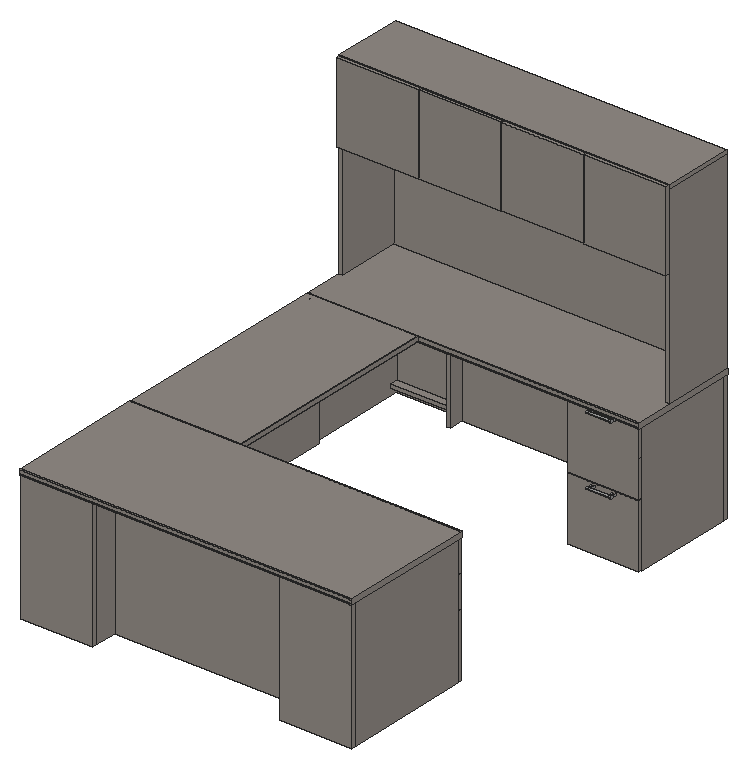
Revit family "JSI-Vision-Typical_Veneer-VSV119", category Furniture, Revit 2020 (continued)
Definition of nested family "JSI-Vision-Bridge_Modesty_Panel"
  Types (4): name | Model | Description | Depth
    VST2048EB, Bridge w/Modesty Panel 20"d x 48"w | "VST2048EB" | "Bridge w/Modesty Panel 20\"d x 48\"w Laminate" | 20"
    VST2448EB, Bridge w/Modesty Panel 24"d x 48"w | "VST2448EB" | "Bridge w/Modesty Panel 24\"d x 48\"w Laminate" | 24"
    VSV2048EB, Bridge w/Modesty Panel 20"d x 48"w | "VSV2048EB" | "Bridge w/Modesty Panel 20\"d x 48\"w Veneer" | 20"
    VSV2448EB, Bridge w/Modesty Panel 24"d x 48"w | "VSV2448EB" | "Bridge w/Modesty Panel 24\"d x 48\"w Veneer" | 24"
  Reference planes (in)
    plane 1 "Center Front/Back": y = 0
    plane 2: z = 0
    plane 3 "Center Left/Right": x = 0
    plane 4: z = 28
    plane 5: x = 48
    plane 6: z = 29.1875
    plane 7: y = -20
    plane 8: y = -0.875
    plane 9: y = -1.6875
  Forms (in)
    Extrusion 1, solid, material <- "Top Finish"
      sketch origin (0, 0, -0.05243) x (0, 1, 0) y (0, 0, 1)
        loop
          line (0, 29.23993) -> (-19.87345, 29.23993)
          arc (-19.87345, 29.23993) -> (-19.96294, 29.20286) -> (-20, 29.11338) r 0.12655
          line (-20, 29.11338) -> (-20, 28.17743)
          arc (-20, 28.17743) -> (-19.96339, 28.08904) -> (-19.875, 28.05243) r 0.125
          line (-19.875, 28.05243) -> (0, 28.05243) -> (0, 29.23993)
      from 0 to 48
    Extrusion 2, solid, material <- "Panel Finish"
      sketch origin (0, 0, -0.05243) x (1, 0, 0) y (0, 1, 0)
        loop
          line (-0.87503, -0.875) -> (-0.87503, -1.6875) -> (48.87504, -1.6875) -> (48.87504, -0.875) -> (-0.87503, -0.875)
      from 0.05243 to 28.05243
  Lines and regions (in)
    symbolic lines
      curve 1: line (0, 0, 0) -> (48, 0, 0)
      curve 2: line (0, -20, 0) -> (0, 0, 0)
      curve 3: line (48, -20, 0) -> (0, -20, 0)
      curve 4: line (48, 0, 0) -> (48, -20, 0)
      curve 7: line (-0.87503, -0.875, 0) -> (-0.87503, -1.6875, 0)
      curve 8: line (-0.87503, -0.875, 0) -> (0, -0.875, 0)
      curve 9: line (-0.87503, -1.6875, 0) -> (0, -1.6875, 0)
      curve 10: line (48.87504, -0.875, 0) -> (48.87504, -1.6875, 0)
      curve 11: line (48.87504, -0.875, 0) -> (48, -0.875, 0)
      curve 12: line (48.87504, -1.6875, 0) -> (48, -1.6875, 0)
    symbolic lines, detail levels medium+fine
      curve 5: line (0, -0.875, 0) -> (48, -0.875, 0)
      curve 6: line (0, -1.6875, 0) -> (48, -1.6875, 0)
  Dimensions and locks (in)
    "Width": plane 3 "Center Left/Right" to plane 5
    "Depth": plane 7 to plane 1 "Center Front/Back"
    locked: plane 6 to plane 4 at 1.1875
    plane 1 "Center Front/Back" to plane 8 to plane 9 = 7/8" locked, 13/16" locked
    "Height": plane 6 to plane 2
    aligned and locked: level to plane 2
    aligned and locked: plane 1 "Center Front/Back" to Extrusion 1 sketch curve
    aligned and locked: plane 7 to Extrusion 1 sketch curve
    aligned and locked: Extrusion 1 sketch curve to plane 6
    aligned and locked: plane 4 to Extrusion 1 sketch curve
    aligned and locked: Extrusion 1 to plane 3 "Center Left/Right"
    aligned and locked: plane 5 to Extrusion 1
    aligned and locked: Extrusion 2 to plane 2
    aligned and locked: plane 4 to Extrusion 2
    aligned and locked: plane 3 "Center Left/Right" to curve 2
    aligned and locked: curve 4 to plane 5
    aligned and locked: plane 7 to curve 3
    aligned and locked: plane 1 "Center Front/Back" to curve 1
    aligned and locked: plane 5 to curve 5
    aligned and locked: plane 3 "Center Left/Right" to curve 5
    aligned and locked: curve 5 to plane 8
    aligned and locked: curve 6 to plane 9
    aligned and locked: curve 7 to Extrusion 2
    aligned and locked: curve 9 to Extrusion 2
    aligned and locked: curve 11 to Extrusion 2
    aligned and locked: curve 12 to Extrusion 2
  Automatic sketch dimensions
    Extrusion 1 sketch curve to plane 6 = 0.12655"
    plane 4 to Extrusion 1 sketch curve = 1/8"
    Extrusion 2 sketch curve to plane 9 = 0"
    Extrusion 2 sketch curve to plane 8 = 0"
    Extrusion 2 sketch curve to plane 3 "Center Left/Right" = 0.87503"
    plane 5 to Extrusion 2 sketch curve = 0.87504"
    curve 7 to plane 8 = 0"
    curve 5 to curve 10 = 0.87504"
